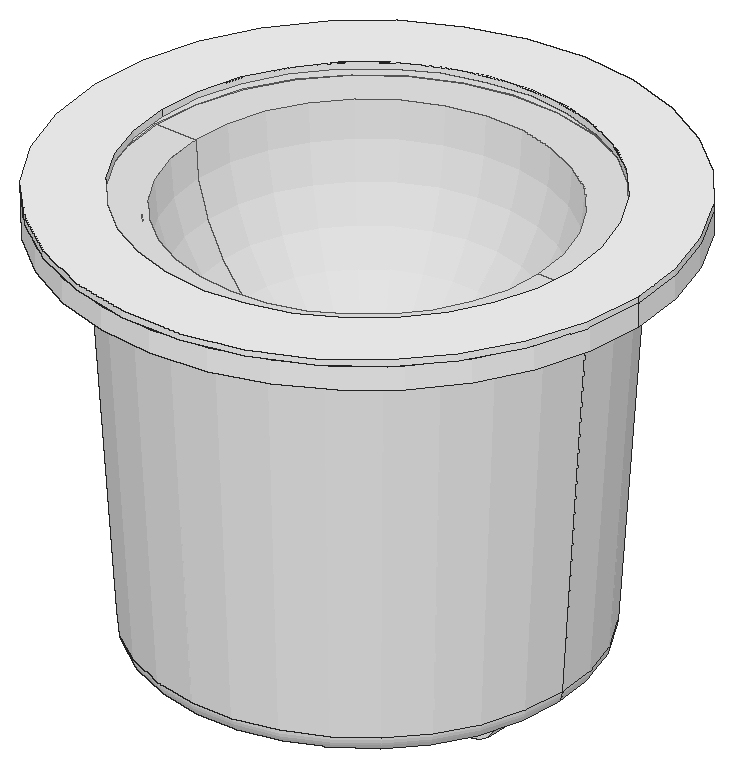
Revit family "2059241", category Lighting Fixtures, host Face, Revit 2018
Family settings
  Host = Face
  Round Connector Dimension = Use Diameter
  Part Type = Normal
  OmniClass Number = 23.80.70.11.17
  OmniClass Title = Specialized Lighting by Location or Use
  Cut with Voids When Loaded = No
  Light Source = Yes
  Shared = No
  Room Calculation Point = No
Parameters (values of type "2059241 MYRIAD DECO IP65 SP 3K PHD SI WBEZ")
  Weight = "n/a"
  Wattage = 15 W
  WarrantyStartDate [instance] = "n/a"
  WarrantyGuarantorParts = "n/a"
  WarrantyDurationUnit = "n/a"
  WarrantyDurationParts = ""
  WarrantyDescription = "http://www.sylvania-lighting.com"
  built-in parameter 1150110 = 1 (stored number, unit not read)
  Voltage = 230 V
  URL = "0"
  TypeName = "MYRIAD DECO IP65 SPOT 3000K PHDM SILVER WBEZ"
  Type Image = 0
  Type Comments = ""
  built-in parameter 1114217 = 1 (stored number, unit not read)
  Tilt Angle = -90°
  built-in parameter 1150109 = 1 (stored number, unit not read)
  built-in parameter 1150134 = (empty or 0)
  built-in parameter 1150113 = 1 (stored number, unit not read)
  SerialNumber [instance] = "n/a"
  Reflector Radius = Cutout Diameter / 2 - 2.5 mm  # 35.0 mm
  Reflector Material = Aluminum_Sylvania_Myriad_Bright
  Recessed Depth = Height  # 72.0 mm
  PowerFactor = 0
  PowerConsumption = "Lighting"
  Photometric Web File = "2059241.ies"
  NominalWidth = 0.0 mm
  NominalLength = 76.0 mm
  NominalHeight = 72.0 mm
  Name = "MYRIAD DECO IP65 SPOT 3000K PHDM SILVER WBEZ"
  ModelReference = "MYRIAD DECO IP65 SPOT 3000K PHDM SILVER WBEZ"
  ModelNumber = "2059241"
  Material = "Feilo Sylvania"
  ManufacturerName = "111 lm/W"
  LuminousEfficacy = ""
  LuminaireType = "0"
  LightOutputRatio = "LED"
  LampsType = Lamp  # "n/a"
  LampNominalLuminous = "3000 K"
  LampMacAdamStep = "90"
  LampColourTemperature = "LED"
  LampColourRenderingIndex = "16500"
  Keynote = "n/a"
  Keynote_2 = "16500"
  InstallationDate [instance] = "n/a"
  InputVoltage = "0"
  InputNominalFrequency = "3000"
  IngressProtection = "IfcLightFixtureType"
  ImpactProtectionIndex = "IfcLightFixtureType"
  IfcExportType = "IfcLightFixtureType"
  IfcExportAs = "Class II"
  Height = 72.0 mm  # constant formula
  ExpectedLife = 50000
  Emit from Circle Diameter = Accessory Inner Diameter 2  # 68.0 mm
  Emit Shape Visible in Rendering = no
  ElectricShockClassification = "111"
  DurationUnit = "hours"
  DocumentationLiterature = "http://www.sylvania-lighting.com/product/en-int/products/2059241"
  DimmingControlOptions = "n/a"
  Diffuser Material = Glass_Sylvania_Myriad_Clear_4000K
  Diffuser Diameter = Cutout Diameter  # 75.0 mm
  Cutout Diameter = 75.0 mm  # constant formula
  CreatedOn = "03/02/2022"
  CreatedBy = "@sylvania-lighting.com"
  built-in parameter 1001205 = 0
  Cost = 0
  built-in parameter 1114216 [instance] = 1 (stored number, unit not read)
  Model = "MYRIAD DECO IP65 SPOT 3000K PHDM SILVER WBEZ"
  Manufacturer = "Feilo Sylvania"  # constant formula
  built-in parameter 1150105 = 83.556 (stored number, unit not read)
  Lumens = 1050 lm
  built-in parameter 1150115 = 1 (stored number, unit not read)
  built-in parameter 1150137 = (empty or 0)
  built-in parameter 1150139 = (empty or 0)
  built-in parameter 1150112 = 1 (stored number, unit not read)
  built-in parameter 1150114 = 1 (stored number, unit not read)
  Lamp = "n/a"
  built-in parameter 1150132 = (empty or 0)
  built-in parameter 1150102 = (empty or 0)
  built-in parameter 1150107 = 2700 (stored number, unit not read)
  built-in parameter 1150138 = (empty or 0)
  built-in parameter 1150106 = 0.83556 (stored number, unit not read)
  built-in parameter 1150104 = 6.5032 (stored number, unit not read)
  Dimming Lamp Color Temperature Shift = <None>
  Description = "Supplied complete with electronic control gear Compact Fluorescent low energy downlight Emergency version passes through the cut out Ideal for low level orientation lighting New range of Architectural accessories each providing a different lit dimension New completely flush plaster up accessory ring for clean ceiling lines and smooth finish Order lamp separately"  # constant formula
  Default Elevation = 0.0 mm
  Color Filter = 16777215
  built-in parameter 1140040 [instance] = 1
  Body Radius = Reflector Radius + 1.5 mm  # 36.5 mm
  Body Material = Aluminum_Sylvania_Myriad_Gray
  BarCode [instance] = "n/a"
  built-in parameter 1114218 = 1 (stored number, unit not read)
  built-in parameter 1150133 = 10 (stored number, unit not read)
  AssetType = "Fixed"
  AssetIdentifier [instance] = "n/a"
  Assembly Code = "D5020200"
  Apparent Load = 10 VA
  Accessory Material = Aluminum_Sylvania_Myriad_White
  Accessory Inner Diameter 2 = Accessory Diameter - 22.0 mm  # 68.0 mm
  Accessory Inner Diameter 1 = Accessory Diameter - 2.0 mm  # 88.0 mm
  Accessory Diameter = Cutout Diameter + 15.0 mm  # 90.0 mm
Reference planes
  plane 1 "Center (Front/Back)": y = 0
  plane 2: z = 0
  plane 3 "Center (Left/Right)": x = 0
  plane 4: z = 2
  plane 5 "Fixture Bottom": z = 4.5
  plane 6: z = -28.5
  plane 7: z = -61.5
  plane 8 "Fixture Top": z = -67.5
  plane 9: z = 3.5
Forms (mm)
  Revolve 1, solid, material "Aluminum_Sylvania_Myriad_Bright" <- "Reflector Material", detail levels fine
    sketch origin (0, 0, 0) x (1, 0, 0) y (0, 0, 1)
      loop
        line (0, -27.515) -> (-6, -27.515)
        arc (-6, -27.515) -> (-22.333, -16.632) -> (-28.5, 2) r 30.135
        line (-28.5, 2) -> (-35, 2) -> (-35, 0) -> (-29.184, 0)
        arc (-29.184, 0) -> (-22.423, -18.18) -> (-6, -28.5) r 30.204
        line (-6, -28.5) -> (0, -28.5) -> (0, -27.515)
      axis (0, -28.5) -> (0, 2)
    angle from 0 to 360
  Revolve 2, solid, material "Aluminum_Sylvania_Myriad_Gray" <- "Body Material", detail levels fine
    sketch origin (0, 0, 0) x (1, 0, 0) y (0, 0, 1)
      loop
        line (-44, 2) -> (-44, 0) -> (-36.5, 0) -> (-32.42, -58.708)
        arc (-32.42, -58.708) -> (-31.474, -60.694) -> (-29.428, -61.5) r 3
        line (-29.428, -61.5) -> (0, -61.5) -> (0, -28.5) -> (-6, -28.5)
        arc (-6, -28.5) -> (-22.423, -18.18) -> (-29.184, 0) r 30.204
        line (-29.184, 0) -> (-35, 0) -> (-35, 2) -> (-44, 2)
      axis (0, 2) -> (0, -61.5)
    angle from 0 to 360
  Extrusion 3, solid, material "Aluminum_Sylvania_Myriad_Gray" <- "Body Material", detail levels fine
    sketch origin (0, 0, 0) x (1, 0, 0) y (0, 0, 1)
      loop
        line (-13.5, -67.5) -> (21, -67.5)
        arc (21, -67.5) -> (23.828, -66.328) -> (25, -63.5) r 4
        line (25, -63.5) -> (25, -61.5) -> (-17.5, -61.5) -> (-17.5, -63.5)
        arc (-17.5, -63.5) -> (-16.328, -66.328) -> (-13.5, -67.5) r 4
    from -4.5 to 4.5
  Extrusion 4, solid, material "Aluminum_Sylvania_Myriad_White" <- "Accessory Material", detail levels fine
    sketch origin (0, 0, 0) x (1, 0, 0) y (0, 1, 0)
      loop
        circle (0, 0) r 45
      loop
        circle (0, 0) r 44
    from 0 to 3.5
  Extrusion 5, solid, material "Aluminum_Sylvania_Myriad_White" <- "Accessory Material", detail levels fine
    sketch origin (0, 0, 0) x (1, 0, 0) y (0, 1, 0)
      loop
        circle (0, 0) r 45
      loop
        circle (0, 0) r 34
    from 3.5 to 4.5
  Extrusion 6, solid, material "Aluminum_Sylvania_Myriad_White" <- "Accessory Material", detail levels coarse+medium
    sketch origin (0, 0, 0) x (1, 0, 0) y (0, 1, 0)
      loop
        circle (0, 0) r 45
    from 0 to 4.5
  Revolve 7, solid, detail levels coarse+medium
    sketch origin (0, 0, 0) x (1, 0, 0) y (0, 0, 1)
      loop
        line (36.5, 0) -> (0, 0) -> (0, -61.5) -> (32.226, -61.5) -> (36.5, 0)
      axis (0, 0) -> (0, -61.5)
    angle from 0 to 360
  Extrusion 8, void
    sketch origin (0, 0, 0) x (1, 0, 0) y (0, 1, 0)
      loop
        circle (0, 0) r 37.5
    from -67.5 to 0
  Extrusion 9, solid, material "Glass_Sylvania_Myriad_Clear_4000K" <- "Diffuser Material", detail levels fine
    sketch origin (0, 0, 0) x (1, 0, 0) y (0, 1, 0)
      loop
        circle (0, 0) r 37.5
    from 2 to 3.5
Cuts and joins
  joined: Extrusion 4, Extrusion 5
Lines and regions (mm)
  Masking region 1
    outline origin (0, 0, 0) x (1, 0, 0) y (0, 1, 0)
      loop
        circle (0, 0) r 45
  symbolic lines
    curve 1: arc (-34, 0, 0) -> (0, 34, 0) -> (34, 0, 0) r 34
    curve 2: arc (34, 0, 0) -> (0, -34, 0) -> (-34, 0, 0) r 34
Dimensions and locks
  locked: plane 7 to plane 8 "Fixture Top" at 6
  "Body Radius": Revolve 7 sketch curve to plane 3 "Center (Left/Right)"
  locked: Revolve 7 sketch curve to Revolve 7 sketch curve at 4.274
  plane 5 "Fixture Bottom" to plane 9 to plane 4 to plane 2 to plane 6 = 1.0 mm locked, 1.5 mm locked, 2.0 mm locked, 28.5 mm locked
  "Reflector Radius": Revolve 1 sketch curve to plane 3 "Center (Left/Right)"
  Revolve 1 sketch curve to Revolve 1 sketch curve to Revolve 1 sketch curve to Revolve 1 sketch curve = 6.5 mm locked, 22.5 mm locked, 0.0 mm locked
  "Reflector Radius": plane 3 "Center (Left/Right)" to Revolve 2 sketch curve
  Revolve 2 sketch curve to Revolve 2 sketch curve to Revolve 2 sketch curve = 7.5 mm locked, 1.5 mm locked
  Revolve 2 sketch curve to Revolve 2 sketch curve to Revolve 2 sketch curve = 5.816 mm locked, 23.184 mm locked
  Revolve 2 sketch curve to Revolve 2 sketch curve to Revolve 2 sketch curve = 2.58 mm locked, 2.993 mm locked
  "Accessory Diameter": diameter of Extrusion 4 sketch curve
  "Accessory Inner Diameter 1": diameter of Extrusion 4 sketch curve
  "Accessory Diameter": diameter of Extrusion 5 sketch curve
  "Accessory Diameter": diameter of Extrusion 6 sketch curve
  "Cutout Diameter": diameter of Extrusion 8 sketch curve
  "Accessory Inner Diameter 2": diameter of Extrusion 5 sketch curve
  "Diffuser Diameter": diameter of Extrusion 9 sketch curve
  aligned and locked: plane 2 to host face
  aligned and locked: level to host face
  aligned and locked: plane 1 "Center (Front/Back)" to imposter light
  aligned and locked: plane 3 "Center (Left/Right)" to imposter light
  aligned and locked: Revolve 1 sketch curve to imposter light
  aligned and locked: Extrusion 3 sketch curve to plane 8 "Fixture Top"
  aligned and locked: plane 7 to Extrusion 3 sketch curve
  aligned and locked: Extrusion 4 to plane 2
  aligned and locked: plane 9 to Extrusion 4
  aligned and locked: Extrusion 5 to plane 9
  aligned and locked: plane 5 "Fixture Bottom" to Extrusion 5
  aligned and locked: Extrusion 6 to plane 2
  aligned and locked: plane 5 "Fixture Bottom" to Extrusion 6
  aligned and locked: Extrusion 8 to plane 8 "Fixture Top"
  aligned and locked: plane 2 to Extrusion 8
  aligned and locked: Masking region 1 sketch curve to Extrusion 6  (x2)
  aligned and locked: Extrusion 9 to plane 4
  aligned and locked: plane 9 to Extrusion 9
  aligned and locked: plane 4 to Revolve 2 sketch curve
  aligned and locked: Revolve 2 sketch curve to plane 2
  aligned and locked: curve 1 to cut or joined group of Extrusion 4, Extrusion 5
  aligned and locked: curve 2 to cut or joined group of Extrusion 4, Extrusion 5
  aligned and locked: imposter light to plane 5 "Fixture Bottom"
Automatic sketch dimensions
  host sketch curve to host sketch curve = 1305.563 mm
  host sketch curve to host sketch curve = 1283.632 mm
  Extrusion 3 sketch curve to plane 7 = 2.0 mm
  Extrusion 3 sketch curve to plane 3 "Center (Left/Right)" = 13.5 mm
  plane 3 "Center (Left/Right)" to Extrusion 3 sketch curve = 21.0 mm
  Extrusion 3 sketch curve to Extrusion 3 sketch curve = 4.0 mm
  Revolve 1 sketch curve to level = 0.0 mm
  Revolve 1 sketch curve to plane 3 "Center (Left/Right)" = 0.0 mm
  Revolve 1 sketch curve to plane 6 = 0.0 mm
  Revolve 1 sketch curve to plane 4 = 0.0 mm
  Revolve 1 sketch curve to Revolve 1 sketch curve = 0.684 mm
  level to Revolve 1 sketch curve = 0.88 mm
  Revolve 1 sketch curve to plane 4 = 0.363 mm
  Revolve 1 sketch curve to Revolve 1 sketch curve = 0.625 mm
  Revolve 1 sketch curve to plane 8 "Fixture Top" = 232.8 mm
  plane 5 "Fixture Bottom" to Revolve 1 sketch curve = 291.243 mm
  Revolve 2 sketch curve to plane 3 "Center (Left/Right)" = 0.0 mm  (x2)
  Revolve 2 sketch curve to plane 7 = 0.0 mm
  Revolve 2 sketch curve to plane 6 = 0.0 mm
  Revolve 2 sketch curve to level = 0.0 mm
  level to Revolve 2 sketch curve = 0.88 mm
  plane 7 to Revolve 2 sketch curve = 2.792 mm
  Revolve 2 sketch curve to plane 8 "Fixture Top" = 304.774 mm
  plane 5 "Fixture Bottom" to Revolve 2 sketch curve = 1137.105 mm
  Extrusion 4 sketch curve to Extrusion 4 sketch curve = 0.0 mm  (x2)
  plane 1 "Center (Front/Back)" to Extrusion 4 sketch curve = 0.0 mm
  Extrusion 4 sketch curve to plane 3 "Center (Left/Right)" = 0.0 mm
  Extrusion 5 sketch curve to Extrusion 5 sketch curve = 0.0 mm  (x2)
  plane 1 "Center (Front/Back)" to Extrusion 5 sketch curve = 0.0 mm
  Extrusion 5 sketch curve to plane 3 "Center (Left/Right)" = 0.0 mm
  plane 1 "Center (Front/Back)" to Extrusion 6 sketch curve = 0.0 mm
  Extrusion 6 sketch curve to plane 3 "Center (Left/Right)" = 0.0 mm
  Revolve 7 sketch curve to level = 0.0 mm
  Revolve 7 sketch curve to plane 3 "Center (Left/Right)" = 0.0 mm  (x2)
  Revolve 7 sketch curve to plane 7 = 0.0 mm
  Revolve 7 sketch curve to plane 8 "Fixture Top" = 304.774 mm
  plane 5 "Fixture Bottom" to Revolve 7 sketch curve = 43.226 mm
  plane 1 "Center (Front/Back)" to Extrusion 8 sketch curve = 0.0 mm
  Extrusion 8 sketch curve to plane 3 "Center (Left/Right)" = 0.0 mm
  plane 1 "Center (Front/Back)" to Extrusion 9 sketch curve = 0.0 mm
  Extrusion 9 sketch curve to plane 3 "Center (Left/Right)" = 0.0 mm
Connectors
  electrical at (-0.006, -0.019, -67.5), driven by "Apparent Load", driven by "Apparent Load"
    settings: on plane 8 "Fixture Top", index 1, voltage 230 V, apparent load 10 VA, apparent load phase1 10 VA, apparent load phase2 0 VA, apparent load phase3 0 VA, power factor 1, load classification "Lighting", number of poles 1, system type 30, power factor state 1, is connector primary yes, connector utility no, sub classification motor no, connector description ""
